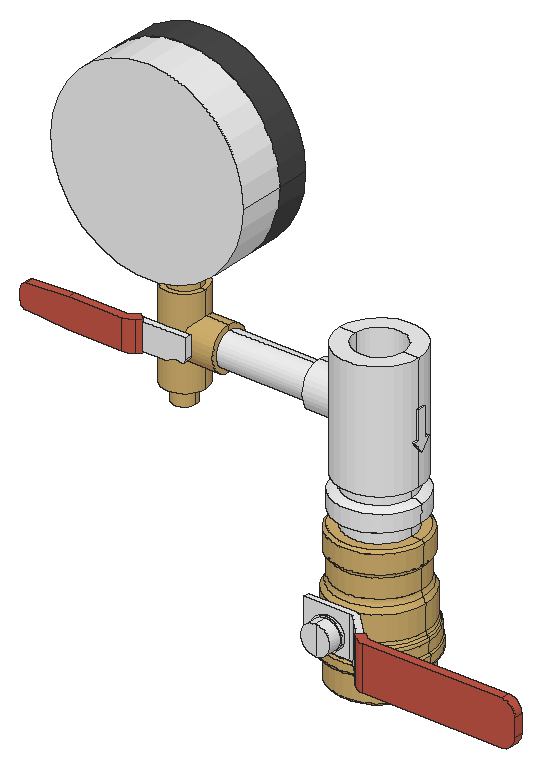
Revit family "Fire-Products_Sprinkler-Systems_YAMATO-PROTEC_CFMTⅡ", category スプリンクラ, Revit 2018
Family settings
  注釈の向きを維持 = いいえ
  丸型コネクタ寸法 = 直径を使用
  パーツ タイプ = 標準
  OmniClass 番号 = 23.65.70.17.14
  OmniClass タイトル = Water Fire Fighting Terminals
  作業面ベース = いいえ
  常に垂直 = はい
  ロード時にボイドで切り取り = はい
  共有 = いいえ
  部屋計算ポイント = いいえ
Parameters (values of type "CFMTⅡ")
  質量 = 15.00 kg
  説明 = "末端試験装置 CFMTⅡ"
  記号 [instance] = ""
  製造元 = "ヤマトプロテック株式会社"
  製品出荷対象 = ""
  製品リリース年月 = "2015年4月"
  製品グループ = ""
  系統 [instance] = ""
  符号 = ""
  積算_科目 = "9 消火設備"
  積算_拾い区分 [instance] = ""
  特殊仕様 [instance] = ""
  法定耐用年数 = ""
  最高使用圧力 = "1.4 MPa"
  形式 = ""
  呼称 = "末端試験装置"
  吐水量 [instance] = 0.0 L/s
  参照している仕様書等のバージョン = ""
  分類コード = "50903001200000"
  分類グループ = ""
  出口径 [instance] = 入口径  # 25 mm
  入口径 = 25.00 mm
  企業コード = "580077214"
  付属品 [instance] = ""
  仕様書バージョン = "Version1.0"
  モデル = "CFMTⅡ"
  Type Comments = ""
  コメント [instance] = ""
  Width = 282 mm
  Version = ""
  Uniclass2015Version = "Systems v1.9"
  Uniclass2015Title = "Drain and test valves"
  Uniclass2015Code = "Pr_65_54_30_23"
  URL = "https://www.yamatoprotec.co.jp/"
  SpecificationReference = ""
  SpecificationDescription = ""
  Revision = ""
  ProductInformation = "https://www.yamatoprotec.co.jp/products/syokasetsubi/%EF%BC%A3%EF%BC%A6%EF%BC%AD%EF%BC%B4%E2%85%A1/45939/"
  Product data url = ""
  OmniClassCode = "23-29 25 11 13"
  IfcTypeProduct = ""
  IfcProduct = ""
  IfcExportType = "SPRINKLER"
  IfcExportAs = "IfcFireSuppressionTerminalType"
  Height = 156 mm
  Depth = 74 mm
  Author = "BIMobject Japan"
Reference planes
  plane 1 "中心(正面/背面)": y = 0
  plane 2: z = 0
  plane 3 "中心(左/右)": x = 0
  plane 4: x = 110
  plane 5: z = 156
  plane 6: y = -50
  plane 7: y = 24.016
  plane 8: x = -171.7
Forms (mm)
  Revolve 1, solid, material "Yamato Protec - Brass"
    sketch origin (0, 0, 0) x (1, 0, 0) y (0, 0, 1)
      loop
        line (-23.15, 70.6) -> (-23.15, 60.931)
        arc (-23.15, 60.931) -> (-22.103, 60.212) -> (-21.7, 59.008) r 2
        line (-21.7, 59.008) -> (-21.7, 48.951)
        arc (-21.7, 48.951) -> (-21.904, 47.398) -> (-22.504, 45.951) r 6
        line (-22.504, 45.951) -> (-24.15, 43.1) -> (-24.15, 30.475)
        arc (-24.15, 30.475) -> (-24.252, 29.699) -> (-24.552, 28.975) r 3
        line (-24.552, 28.975) -> (-25.348, 27.596)
        arc (-25.348, 27.596) -> (-25.648, 26.873) -> (-25.75, 26.096) r 3
        line (-25.75, 26.096) -> (-25.75, 21.099) -> (-26.5, 19.8) -> (-26.5, 15.8)
        arc (-26.5, 15.8) -> (-26.207, 15.093) -> (-25.5, 14.8) r 1
        line (-25.5, 14.8) -> (-23.15, 14.8) -> (-23.15, 1.4) -> (-21.75, 0) -> (0, 0) -> (0, 72) -> (-21.75, 72) -> (-23.15, 70.6)
      axis (0, 72) -> (0, 0)
    angle from 0 to 360
  Revolve 2, solid, material "Yamato Protec - Aluminum"
    sketch origin (0, 0, 0) x (1, 0, 0) y (0, 0, 1)
      loop
        line (-20.5, 156) -> (-20.5, 96) -> (-16.737, 96) -> (-16.925, 90)
        arc (-16.925, 90) -> (-19.397, 89.491) -> (-21.65, 88.353) r 9.564
        line (-21.65, 88.353) -> (-21.606, 79.671)
        arc (-21.606, 79.671) -> (-19.374, 78.541) -> (-16.926, 78.027) r 9.564
        line (-16.926, 78.027) -> (-16.737, 72) -> (0, 72) -> (0, 156) -> (-20.5, 156)
      axis (0, 156) -> (0, 72)
    angle from 0 to 360
  Revolve 3, solid, material "Yamato Protec - Aluminum"
    sketch origin (0, 0, 0) x (1, 0, 0) y (0, 0, 1)
      loop
        line (-78, 134.65) -> (-78, 126) -> (0, 126) -> (0, 137.5) -> (-31, 137.5) -> (-31, 134.65) -> (-78, 134.65)
      axis (-78, 126) -> (0, 126)
    angle from 0 to 360
  Revolve 4, solid, material "Yamato Protec - Brass"
    sketch origin (0, 0, 0) x (1, 0, 0) y (0, 0, 1)
      loop
        line (-78, 137) -> (-93, 137) -> (-93, 126) -> (-78, 126) -> (-78, 137)
      axis (-78, 126) -> (-93, 126)
    angle from 0 to 360
  Revolve 5, solid, material "Yamato Protec - Brass"
    sketch origin (0, 0, 0) x (1, 0, 0) y (0, 0, 1)
      loop
        line (-112, 149) -> (-112, 103) -> (-106.9, 103) -> (-106.9, 93.921) -> (-101, 93.921) -> (-101, 164.585) -> (-112.345, 164.585) -> (-112.345, 154.585) -> (-109.276, 154.585) -> (-109.276, 149) -> (-112, 149)
      axis (-101, 164.585) -> (-101, 93.921)
    angle from 0 to 360
  Extrusion 6, solid, material "Yamato Protec - Aluminum"
    sketch origin (0, 0, 0) x (1, 0, 0) y (0, 0, 1)
      loop
        circle (-100.945, 210.385) r 50
    from 1.2 to 24.051
  Extrusion 7, solid, material "Yamato Protec - Plastic Black"
    sketch origin (0, 0, 0) x (1, 0, 0) y (0, 0, 1)
      loop
        circle (-100.945, 210.385) r 50
    from 1.2 to -15.5
  Extrusion 8, solid, material "Yamato Protec - Aluminum"
    sketch origin (0, 0, 0) x (1, 0, 0) y (0, 1, 0)
      loop
        arc (15.793, -32.35) -> (13.522, -30.833) -> (10.843, -30.3) r 7
        line (10.843, -30.3) -> (-12.5, -30.3) -> (-12.5, -33.3) -> (10.843, -33.3)
        arc (10.843, -33.3) -> (12.374, -33.604) -> (13.672, -34.472) r 4
        line (13.672, -34.472) -> (24.521, -45.321) -> (26.642, -43.199) -> (15.793, -32.35)
    from 26.9 to 48.4
  Extrusion 9, solid, material "Yamato Protec - Paint Red"
    sketch origin (0, 0, 0) x (1, 0, 0) y (0, 1, 0)
      loop
        line (29.067, -44.635) -> (27.137, -42.705) -> (24.026, -45.816) -> (25.955, -47.745)
        arc (25.955, -47.745) -> (28.453, -49.414) -> (31.399, -50) r 7.7
        line (31.399, -50) -> (110, -50) -> (110, -45.6) -> (31.399, -45.6)
        arc (31.399, -45.6) -> (30.138, -45.349) -> (29.067, -44.635) r 3.3
    from 26.2 to 49.1
  Extrusion 10, void
    sketch origin (0, 0, 0) x (1, 0, 0) y (0, 0, 1)
      loop
        line (110, 42.4) -> (110, 49.1) -> (103.3, 49.1)
        arc (103.3, 49.1) -> (108.038, 47.138) -> (110, 42.4) r 6.7
      loop
        arc (103.3, 26.2) -> (108.038, 28.162) -> (110, 32.9) r 6.7
        line (110, 32.9) -> (110, 26.096) -> (103.3, 26.096)
    from 45.6 to 50
  Revolve 11, solid, material "Yamato Protec - Aluminum"
    sketch origin (0, 0, 0) x (0, 1, 0) y (0, 0, 1)
      loop
        line (-41.4, 35.9) -> (-19.821, 35.9) -> (-19.821, 45.402) -> (-22.31, 43.595)
        arc (-22.31, 43.595) -> (-22.961, 43.155) -> (-23.732, 43) r 2
        line (-23.732, 43) -> (-30.3, 43.11) -> (-30.3, 44.2) -> (-34.9, 44.2) -> (-34.9, 43.4) -> (-41.4, 43.4) -> (-41.4, 35.9)
      axis (-41.4, 35.9) -> (-19.821, 35.9)
    angle from 0 to 360
  Extrusion 12, solid, material "Yamato Protec - Paint Red"
    sketch origin (-87.71, 31.829, 0) x (-1, 0, 0) y (0, -1, 0)
      loop
        arc (29.067, 44.635) -> (30.138, 45.349) -> (31.399, 45.6) r 3.3
        line (31.399, 45.6) -> (83.99, 45.6) -> (83.99, 50) -> (31.399, 50)
        arc (31.399, 50) -> (28.453, 49.414) -> (25.955, 47.745) r 7.7
        line (25.955, 47.745) -> (24.026, 45.816) -> (27.137, 42.705) -> (29.067, 44.635)
    from 118.3 to 133.7
  Extrusion 13, solid, material "Yamato Protec - Aluminum"
    sketch origin (-101.5, 19.224, 0) x (-1, 0, 0) y (0, -1, 0)
      loop
        line (-12.5, 33.3) -> (-12.5, 30.3) -> (10.843, 30.3)
        arc (10.843, 30.3) -> (12.358, 30.466) -> (13.801, 30.956) r 7
        line (13.801, 30.956) -> (13.801, 33.956)
        arc (13.801, 33.956) -> (12.358, 33.466) -> (10.843, 33.3) r 7
        line (10.843, 33.3) -> (-12.5, 33.3)
    from 119 to 133
  Extrusion 14, void
    sketch origin (0, 0, 0) x (1, 0, 0) y (0, 0, 1)
      loop
        line (-168.843, 132.149) -> (-146.686, 133.7) -> (-171.7, 133.7) -> (-171.7, 128.546)
        arc (-171.7, 128.546) -> (-170.899, 130.845) -> (-168.843, 132.149) r 3.7
      loop
        line (-171.7, 123.496) -> (-171.7, 118.3) -> (-146.686, 118.3) -> (-168.267, 119.811)
        arc (-168.267, 119.811) -> (-170.707, 120.979) -> (-171.7, 123.496) r 3.7
      loop
        line (-101, 119) -> (-89, 119) -> (-89, 123)
        arc (-89, 123) -> (-89.586, 121.586) -> (-91, 121) r 2
        line (-91, 121) -> (-95, 121)
        arc (-95, 121) -> (-95.949, 120.846) -> (-96.8, 120.4) r 3
        arc (-96.8, 120.4) -> (-98.786, 119.359) -> (-101, 119) r 7
    from 11.076 to 18.171
  Extrusion 15, solid, material "Yamato Protec - Aluminum"
    sketch origin (0, 0, 0) x (0, 1, 0) y (0, 0, 1)
      loop
        line (0, 112.8) -> (4.488, 118.76) -> (2.089, 118.76) -> (2.089, 133.194) -> (-2.089, 133.194) -> (-2.089, 118.76) -> (-4.488, 118.76) -> (0, 112.8)
    from 0 to 22
  Extrusion 16, void
    sketch origin (0, 0, 0) x (1, 0, 0) y (0, 1, 0)
      loop
        circle (0, 0) r 12.5
    from 0 to 156
Cuts and joins
  Extrusion 10 cuts Extrusion 9
  Extrusion 14 cuts Revolve 4
  Extrusion 14 cuts Extrusion 12
  Extrusion 14 cuts Extrusion 13
  Extrusion 16 cuts Revolve 1
  Extrusion 16 cuts Revolve 2
  Extrusion 16 cuts Revolve 3
  Extrusion 16 cuts Extrusion 15
Dimensions and locks
  plane 4 to plane 3 "中心(左/右)" = 110 mm
  plane 6 to plane 7 = 74.016 mm
  plane 5 to level = 156 mm
  plane 4 to plane 8 = 281.7 mm
  aligned and locked: level to plane 2
Connectors
  piping at (0, 0, 156), diameter 25, driven by "入口径", driven by "吐水量"
    settings: on Revolve 2, index 1, connector inside diameter 609.6 mm, connector length 0 mm, flow factor 0, pipe flow 0.0 L/s, pressure drop 0.0 Pa, fitting loss kfactor 0, connector angle 0.00°, fixture units 0, engagement length 0 mm, angle of deflection 0.00°, flow configuration 0, flow direction 1, fitting loss method 0, system type 23, joint type 0, gender type 0, connector reference index -1, connector utility 0, adjustable connector no, is connector primary yes, connector description "In"
  piping at (0, 0, 0), diameter 25, driven by "出口径", driven by "吐水量"
    settings: on Revolve 1, index 2, connector inside diameter 609.6 mm, connector length 0 mm, flow factor 0, pipe flow 0.0 L/s, pressure drop 0.0 Pa, fitting loss kfactor 0, connector angle 0.00°, fixture units 0, engagement length 0 mm, angle of deflection 0.00°, flow configuration 0, flow direction 2, fitting loss method 0, system type 23, joint type 0, gender type 0, connector reference index -1, connector utility 0, adjustable connector no, is connector primary no, connector description "Out"
